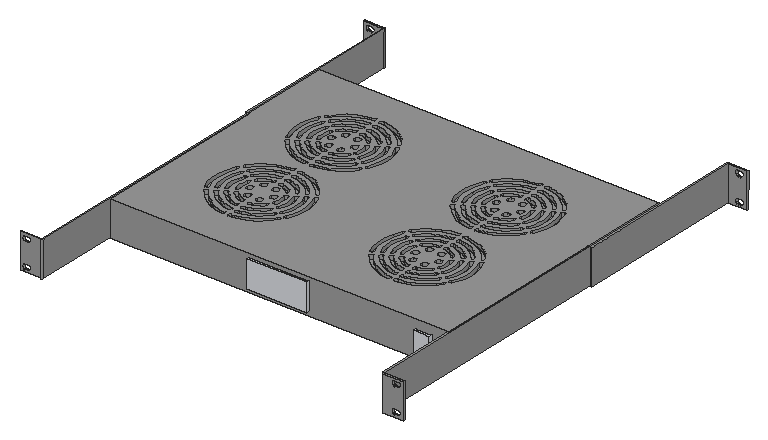
Revit family "ITK 19 вентиляционный модуль 1U 4 вентилятора с цифровым термостатом", category Электрооборудование, Revit 2016
Family settings
  Тип детали = Другая панель
  Размер круглого соединителя = Использовать диаметр
  На основе рабочей плоскости = Нет
  Всегда вертикально = Да
  При загрузке вырезать с полостями = Нет
  Общий = Нет
  Точка расчета площади = Нет
Parameters (values of type "FM05-1U4TS")
  Ширина = 482.5 mm
  Описание = "19-дюймовые вентиляторные модули предназначены для установки и использования в любых шкафах ITK и служат для организации принудительного охлаждения и вентиляции установленного в них активного оборудования.\r\n\r\nВентиляторные модули имеют два или четыре вентилятора, заключенных в единый металлический корпус черного цвета высотой 1U, комплектуются выключателем со светоиндикацией и цифровым термостатом с дисплеем. Диапазон регулировки температуры термостата: от 0 до 60°С. Номинальное рабочее напряжение: 230В. Частота тока: 50Гц. Минимальный срок службы: 50 тыс. часов. Подача рабочего напряжения на вентиляторный модуль осуществляется через встроенный кабель электропитания длиной 2 метра и вилкой немецкого стандарта (евровилка).\r\n\r\nМодули устанавливаются на 19-дюймовые монтажные профили над оборудованием, требующим локального охлаждения в конкретном месте шкафа, занимая при этом 1U высоты шкафа.\r\nСовместимы со всеми 19-доймовыми шкафами и стойками ITK.\r\nОбладают современным привлекательным дизайном и продуманной конструкцией.\r\nУдобны в монтаже и эксплуатации.\r\nСоответствие международным стандартам ISO9001, IEC 297, ISO/IEC 11801. \r\nСертифицированы по ГОСТ Р.\r\nВсе аксессуары идут с крепежом.\r\nВозможно исполнение в двух цветах: серый (RAL7035) и черный (RAL9005).\r\nВсегда в наличии на складе.\r\nГарантия на все аксессуары до 2-х лет."  # constant formula
  Материал = Окраска - RAL 9005
  Type Comments = ""
  Изготовитель = "ITK"  # constant formula
  Глубина = 542 mm
  Высота = 44 mm
  URL = "http://www.itk-group.ru/produktsiya/catalog/?page=section&id=570"
  ADSK_Ток = ADSK_Номинальная мощность / (ADSK_Коэффициент мощности * ADSK_Напряжение * sqrt(ADSK_Количество фаз числовое))  # 0 A
  ADSK_Примечание = ""
  ADSK_Полная мощность = ADSK_Номинальная мощность / ADSK_Коэффициент мощности  # 0 VA
  ADSK_Позиция [instance] = ""
  ADSK_Номинальная мощность = 0 W
  ADSK_Напряжение = 220 V
  ADSK_Наименование краткое = "FM05-1U4TS"
  ADSK_Наименование = "ITK 19\" вентил. модуль 1U 4 вентилятора с цифровым термостатом"
  ADSK_Масса = 0
  ADSK_Марка = "FM05-1U4TS"
  ADSK_Коэффициент мощности = 1
  ADSK_Количество фаз числовое = 1
  ADSK_Количество фаз = 1
  ADSK_Код изделия = ""
  ADSK_Классификация нагрузок = Прочее
  ADSK_Завод-изготовитель = "IEK"
  ADSK_Единица измерения = "шт"
  ADSK_Группирование = ""
Reference planes
  plane 1 "По центру (Вперед/Назад)": y = 0
  plane 2: z = 0
  plane 3 "По центру (Влево/Вправо)": x = 0
  plane 4: x = -241.25
  plane 5: x = 241.25
  plane 6: z = 44
  plane 7: y = -271
  plane 8: y = 271
Forms (mm)
  Extrusion 1, solid, material "Окраска - RAL 9005" <- "Материал", detail levels fine
    sketch origin (-1511.359, -1655.5, 1660) x (-1, 0, 0) y (0, -1, 0)
      loop
        line (-1270.109, -1386.5) -> (-1270.109, -1384.5) -> (-1296.109, -1384.5)
        arc (-1296.109, -1384.5) -> (-1297.523, -1385.086) -> (-1298.109, -1386.5) r 2
        line (-1298.109, -1386.5) -> (-1298.109, -1709.5) -> (-1296.109, -1709.5) -> (-1296.109, -1386.5) -> (-1270.109, -1386.5)
      loop
        line (-1752.609, -1386.5) -> (-1727.109, -1386.5) -> (-1727.109, -1709.5) -> (-1724.609, -1709.5) -> (-1724.609, -1386.5)
        arc (-1724.609, -1386.5) -> (-1725.195, -1385.086) -> (-1726.609, -1384.5) r 2
        line (-1726.609, -1384.5) -> (-1752.609, -1384.5) -> (-1752.609, -1386.5)
      loop
        line (-1752.609, -1924.5) -> (-1752.609, -1926.5) -> (-1728.609, -1926.5)
        arc (-1728.609, -1926.5) -> (-1727.195, -1925.914) -> (-1726.609, -1924.5) r 2
        line (-1726.609, -1924.5) -> (-1726.609, -1709.791) -> (-1728.609, -1709.791) -> (-1728.609, -1924.5) -> (-1752.609, -1924.5)
      loop
        line (-1270.109, -1924.5) -> (-1294.109, -1924.5) -> (-1294.109, -1709.812) -> (-1296.109, -1709.812) -> (-1296.109, -1924.5)
        arc (-1296.109, -1924.5) -> (-1295.523, -1925.914) -> (-1294.109, -1926.5) r 2
        line (-1294.109, -1926.5) -> (-1270.109, -1926.5) -> (-1270.109, -1924.5)
    from -1660 to -1616
  Extrusion 2, solid, material "Окраска - RAL 9005" <- "Материал", detail levels fine
    sketch origin (0, -26, 0) x (1, 0, 0) y (0, 1, 0)
      loop
        line (-213.25, 191.5) -> (-213.25, -139.5) -> (213.25, -139.5) -> (213.25, 191.5) -> (-213.25, 191.5)
    from 0 to 44
  Extrusion 3, void
    sketch origin (-2000, -271, 1200) x (1, 0, 0) y (0, 0, -1)
      loop
        line (1769, 1165.475) -> (1766, 1165.475)
        arc (1766, 1165.475) -> (1762.5, 1161.975) -> (1766, 1158.475) r 3.5
        line (1766, 1158.475) -> (1769, 1158.475)
        arc (1769, 1158.475) -> (1772.5, 1161.975) -> (1769, 1165.475) r 3.5
      loop
        line (1769, 1197.225) -> (1766, 1197.225)
        arc (1766, 1197.225) -> (1762.5, 1193.725) -> (1766, 1190.225) r 3.5
        line (1766, 1190.225) -> (1769, 1190.225)
        arc (1769, 1190.225) -> (1772.5, 1193.725) -> (1769, 1197.225) r 3.5
      loop
        line (2234, 1197.225) -> (2231, 1197.225)
        arc (2231, 1197.225) -> (2227.5, 1193.725) -> (2231, 1190.225) r 3.5
        line (2231, 1190.225) -> (2234, 1190.225)
        arc (2234, 1190.225) -> (2237.5, 1193.725) -> (2234, 1197.225) r 3.5
      loop
        line (2234, 1165.475) -> (2231, 1165.475)
        arc (2231, 1165.475) -> (2227.5, 1161.975) -> (2231, 1158.475) r 3.5
        line (2231, 1158.475) -> (2234, 1158.475)
        arc (2234, 1158.475) -> (2237.5, 1161.975) -> (2234, 1165.475) r 3.5
    from 0 to 542
  Extrusion 4, solid, detail levels fine
    sketch origin (-2000, -270.5, 1200) x (-1, 0, 0) y (0, 0, -1)
      loop
        line (-1962.5, 1160.45) -> (-1962.5, 1194.45) -> (-2037.5, 1194.45) -> (-2037.5, 1160.45) -> (-1962.5, 1160.45)
      loop
        line (-2172.1, 1167.35) -> (-2172.1, 1191.35) -> (-2191.6, 1191.35) -> (-2191.6, 1167.35) -> (-2172.1, 1167.35)
    from -105 to -101.6
  Extrusion 5, void
    sketch origin (0, -8, 0) x (1, 0, 0) y (0, 1, 0)
      loop
        arc (-52.018, -79.079) -> (-46.5, -54.5) -> (-52.018, -29.921) r 57.5
        arc (-52.018, -29.921) -> (-55.347, -28.729) -> (-56.538, -32.058) r 2.5
        arc (-56.538, -32.058) -> (-51.5, -54.5) -> (-56.538, -76.942) r 52.5
        arc (-56.538, -76.942) -> (-55.347, -80.271) -> (-52.018, -79.079) r 2.5
      loop
        arc (-99.295, -111.807) -> (-75.25, -104.296) -> (-56.723, -87.228) r 57.5
        arc (-56.723, -87.228) -> (-57.355, -83.749) -> (-60.834, -84.382) r 2.5
        arc (-60.834, -84.382) -> (-77.75, -99.966) -> (-99.705, -106.824) r 52.5
        arc (-99.705, -106.824) -> (-101.992, -109.52) -> (-99.295, -111.807) r 2.5
      loop
        arc (-151.277, -87.228) -> (-132.75, -104.296) -> (-108.705, -111.807) r 57.5
        arc (-108.705, -111.807) -> (-106.008, -109.52) -> (-108.295, -106.824) r 2.5
        arc (-108.295, -106.824) -> (-130.25, -99.966) -> (-147.166, -84.382) r 52.5
        arc (-147.166, -84.382) -> (-150.645, -83.749) -> (-151.277, -87.228) r 2.5
      loop
        arc (-155.982, -29.921) -> (-161.5, -54.5) -> (-155.982, -79.079) r 57.5
        arc (-155.982, -79.079) -> (-152.653, -80.271) -> (-151.462, -76.942) r 2.5
        arc (-151.462, -76.942) -> (-156.5, -54.5) -> (-151.462, -32.058) r 52.5
        arc (-151.462, -32.058) -> (-152.653, -28.729) -> (-155.982, -29.921) r 2.5
      loop
        arc (-108.705, 2.807) -> (-132.75, -4.704) -> (-151.277, -21.772) r 57.5
        arc (-151.277, -21.772) -> (-150.645, -25.251) -> (-147.166, -24.618) r 2.5
        arc (-147.166, -24.618) -> (-130.25, -9.034) -> (-108.295, -2.176) r 52.5
        arc (-108.295, -2.176) -> (-106.008, 0.52) -> (-108.705, 2.807) r 2.5
      loop
        arc (-60.834, -24.618) -> (-57.355, -25.251) -> (-56.723, -21.772) r 2.5
        arc (-56.723, -21.772) -> (-75.25, -4.704) -> (-99.295, 2.807) r 57.5
        arc (-99.295, 2.807) -> (-101.992, 0.52) -> (-99.705, -2.176) r 2.5
        arc (-99.705, -2.176) -> (-77.75, -9.034) -> (-60.834, -24.618) r 52.5
      loop
        arc (-78.177, -34.766) -> (-74.673, -35.235) -> (-74.204, -31.73) r 2.5
        arc (-74.204, -31.73) -> (-85.25, -22.024) -> (-99.179, -17.311) r 37.5
        arc (-99.179, -17.311) -> (-101.979, -19.469) -> (-99.821, -22.27) r 2.5
        arc (-99.821, -22.27) -> (-87.75, -26.354) -> (-78.177, -34.766) r 32.5
      loop
        arc (-108.179, -22.27) -> (-106.021, -19.469) -> (-108.821, -17.311) r 2.5
        arc (-108.821, -17.311) -> (-122.75, -22.024) -> (-133.796, -31.73) r 37.5
        arc (-133.796, -31.73) -> (-133.327, -35.235) -> (-129.823, -34.766) r 2.5
        arc (-129.823, -34.766) -> (-120.25, -26.354) -> (-108.179, -22.27) r 32.5
      loop
        arc (-134.002, -42.004) -> (-135.348, -38.735) -> (-138.617, -40.081) r 2.5
        arc (-138.617, -40.081) -> (-141.5, -54.5) -> (-138.617, -68.919) r 37.5
        arc (-138.617, -68.919) -> (-135.348, -70.265) -> (-134.002, -66.996) r 2.5
        arc (-134.002, -66.996) -> (-136.5, -54.5) -> (-134.002, -42.004) r 32.5
      loop
        arc (-129.823, -74.234) -> (-133.327, -73.765) -> (-133.796, -77.27) r 2.5
        arc (-133.796, -77.27) -> (-122.75, -86.976) -> (-108.821, -91.689) r 37.5
        arc (-108.821, -91.689) -> (-106.021, -89.531) -> (-108.179, -86.73) r 2.5
        arc (-108.179, -86.73) -> (-120.25, -82.646) -> (-129.823, -74.234) r 32.5
      loop
        arc (-99.95, -76.632) -> (-101.959, -79.542) -> (-99.05, -81.551) r 2.5
        arc (-99.05, -81.551) -> (-90.25, -78.316) -> (-83.048, -72.312) r 27.5
        arc (-83.048, -72.312) -> (-83.334, -68.788) -> (-86.858, -69.074) r 2.5
        arc (-86.858, -69.074) -> (-92.75, -73.986) -> (-99.95, -76.632) r 22.5
      loop
        arc (-82.808, -62.059) -> (-81.293, -65.253) -> (-78.098, -63.739) r 2.5
        arc (-78.098, -63.739) -> (-76.5, -54.5) -> (-78.098, -45.261) r 27.5
        arc (-78.098, -45.261) -> (-81.293, -43.747) -> (-82.808, -46.941) r 2.5
        arc (-82.808, -46.941) -> (-81.5, -54.5) -> (-82.808, -62.059) r 22.5
      loop
        arc (-73.998, -66.996) -> (-72.652, -70.265) -> (-69.383, -68.919) r 2.5
        arc (-69.383, -68.919) -> (-66.5, -54.5) -> (-69.383, -40.081) r 37.5
        arc (-69.383, -40.081) -> (-72.652, -38.735) -> (-73.998, -42.004) r 2.5
        arc (-73.998, -42.004) -> (-71.5, -54.5) -> (-73.998, -66.996) r 32.5
      loop
        arc (-65.253, -71.963) -> (-64.001, -75.269) -> (-60.695, -74.017) r 2.5
        arc (-60.695, -74.017) -> (-56.5, -54.5) -> (-60.695, -34.983) r 47.5
        arc (-60.695, -34.983) -> (-64.001, -33.731) -> (-65.253, -37.037) r 2.5
        arc (-65.253, -37.037) -> (-61.5, -54.5) -> (-65.253, -71.963) r 42.5
      loop
        arc (-69.503, -29.676) -> (-66.014, -30.245) -> (-65.445, -26.755) r 2.5
        arc (-65.445, -26.755) -> (-80.25, -13.364) -> (-99.25, -7.238) r 47.5
        arc (-99.25, -7.238) -> (-101.987, -9.476) -> (-99.75, -12.213) r 2.5
        arc (-99.75, -12.213) -> (-82.75, -17.694) -> (-69.503, -29.676) r 42.5
      loop
        arc (-108.25, -12.213) -> (-106.013, -9.476) -> (-108.75, -7.238) r 2.5
        arc (-108.75, -7.238) -> (-127.75, -13.364) -> (-142.555, -26.755) r 47.5
        arc (-142.555, -26.755) -> (-141.986, -30.245) -> (-138.497, -29.676) r 2.5
        arc (-138.497, -29.676) -> (-125.25, -17.694) -> (-108.25, -12.213) r 42.5
      loop
        arc (-142.747, -37.037) -> (-143.999, -33.731) -> (-147.305, -34.983) r 2.5
        arc (-147.305, -34.983) -> (-151.5, -54.5) -> (-147.305, -74.017) r 47.5
        arc (-147.305, -74.017) -> (-143.999, -75.269) -> (-142.747, -71.963) r 2.5
        arc (-142.747, -71.963) -> (-146.5, -54.5) -> (-142.747, -37.037) r 42.5
      loop
        arc (-138.497, -79.324) -> (-141.986, -78.755) -> (-142.555, -82.245) r 2.5
        arc (-142.555, -82.245) -> (-127.75, -95.636) -> (-108.75, -101.762) r 47.5
        arc (-108.75, -101.762) -> (-106.013, -99.524) -> (-108.25, -96.787) r 2.5
        arc (-108.25, -96.787) -> (-125.25, -91.306) -> (-138.497, -79.324) r 42.5
      loop
        arc (-99.25, -101.762) -> (-80.25, -95.636) -> (-65.445, -82.245) r 47.5
        arc (-65.445, -82.245) -> (-66.014, -78.755) -> (-69.503, -79.324) r 2.5
        arc (-69.503, -79.324) -> (-82.75, -91.306) -> (-99.75, -96.787) r 42.5
        arc (-99.75, -96.787) -> (-101.987, -99.524) -> (-99.25, -101.762) r 2.5
      loop
        arc (-99.179, -91.689) -> (-85.25, -86.976) -> (-74.204, -77.27) r 37.5
        arc (-74.204, -77.27) -> (-74.673, -73.765) -> (-78.177, -74.234) r 2.5
        arc (-78.177, -74.234) -> (-87.75, -82.646) -> (-99.821, -86.73) r 32.5
        arc (-99.821, -86.73) -> (-101.979, -89.531) -> (-99.179, -91.689) r 2.5
      loop
        circle (-111.5, -67.49) r 4
      loop
        circle (-96.5, -67.49) r 4
      loop
        circle (-89, -54.5) r 4
      loop
        circle (-96.5, -41.51) r 4
      loop
        arc (-108.05, -32.368) -> (-106.041, -29.458) -> (-108.95, -27.449) r 2.5
        arc (-108.95, -27.449) -> (-117.75, -30.684) -> (-124.952, -36.688) r 27.5
        arc (-124.952, -36.688) -> (-124.666, -40.212) -> (-121.142, -39.926) r 2.5
        arc (-121.142, -39.926) -> (-115.25, -35.014) -> (-108.05, -32.368) r 22.5
      loop
        arc (-121.142, -69.074) -> (-124.666, -68.788) -> (-124.952, -72.312) r 2.5
        arc (-124.952, -72.312) -> (-117.75, -78.316) -> (-108.95, -81.551) r 27.5
        arc (-108.95, -81.551) -> (-106.041, -79.542) -> (-108.05, -76.632) r 2.5
        arc (-108.05, -76.632) -> (-115.25, -73.986) -> (-121.142, -69.074) r 22.5
      loop
        arc (-86.858, -39.926) -> (-83.334, -40.212) -> (-83.048, -36.688) r 2.5
        arc (-83.048, -36.688) -> (-90.25, -30.684) -> (-99.05, -27.449) r 27.5
        arc (-99.05, -27.449) -> (-101.959, -29.458) -> (-99.95, -32.368) r 2.5
        arc (-99.95, -32.368) -> (-92.75, -35.014) -> (-86.858, -39.926) r 22.5
      loop
        circle (-111.5, -41.51) r 4
      loop
        arc (-125.192, -46.941) -> (-126.707, -43.747) -> (-129.902, -45.261) r 2.5
        arc (-129.902, -45.261) -> (-131.5, -54.5) -> (-129.902, -63.739) r 27.5
        arc (-129.902, -63.739) -> (-126.707, -65.253) -> (-125.192, -62.059) r 2.5
        arc (-125.192, -62.059) -> (-126.5, -54.5) -> (-125.192, -46.941) r 22.5
      loop
        circle (-119, -54.5) r 4
      loop
        arc (56.723, -87.228) -> (75.25, -104.296) -> (99.295, -111.807) r 57.5
        arc (99.295, -111.807) -> (101.992, -109.52) -> (99.705, -106.824) r 2.5
        arc (99.705, -106.824) -> (77.75, -99.966) -> (60.834, -84.382) r 52.5
        arc (60.834, -84.382) -> (57.355, -83.749) -> (56.723, -87.228) r 2.5
      loop
        arc (108.705, -111.807) -> (132.75, -104.296) -> (151.277, -87.228) r 57.5
        arc (151.277, -87.228) -> (150.645, -83.749) -> (147.166, -84.382) r 2.5
        arc (147.166, -84.382) -> (130.25, -99.966) -> (108.295, -106.824) r 52.5
        arc (108.295, -106.824) -> (106.008, -109.52) -> (108.705, -111.807) r 2.5
      loop
        arc (155.982, -79.079) -> (161.5, -54.5) -> (155.982, -29.921) r 57.5
        arc (155.982, -29.921) -> (152.653, -28.729) -> (151.462, -32.058) r 2.5
        arc (151.462, -32.058) -> (156.5, -54.5) -> (151.462, -76.942) r 52.5
        arc (151.462, -76.942) -> (152.653, -80.271) -> (155.982, -79.079) r 2.5
      loop
        arc (151.277, -21.772) -> (132.75, -4.704) -> (108.705, 2.807) r 57.5
        arc (108.705, 2.807) -> (106.008, 0.52) -> (108.295, -2.176) r 2.5
        arc (108.295, -2.176) -> (130.25, -9.034) -> (147.166, -24.618) r 52.5
        arc (147.166, -24.618) -> (150.645, -25.251) -> (151.277, -21.772) r 2.5
      loop
        arc (99.295, 2.807) -> (75.25, -4.704) -> (56.723, -21.772) r 57.5
        arc (56.723, -21.772) -> (57.355, -25.251) -> (60.834, -24.618) r 2.5
        arc (60.834, -24.618) -> (77.75, -9.034) -> (99.705, -2.176) r 52.5
        arc (99.705, -2.176) -> (101.992, 0.52) -> (99.295, 2.807) r 2.5
      loop
        arc (52.018, -29.921) -> (46.5, -54.5) -> (52.018, -79.079) r 57.5
        arc (52.018, -79.079) -> (55.347, -80.271) -> (56.538, -76.942) r 2.5
        arc (56.538, -76.942) -> (51.5, -54.5) -> (56.538, -32.058) r 52.5
        arc (56.538, -32.058) -> (55.347, -28.729) -> (52.018, -29.921) r 2.5
      loop
        arc (65.253, -37.037) -> (64.001, -33.731) -> (60.695, -34.983) r 2.5
        arc (60.695, -34.983) -> (56.5, -54.5) -> (60.695, -74.017) r 47.5
        arc (60.695, -74.017) -> (64.001, -75.269) -> (65.253, -71.963) r 2.5
        arc (65.253, -71.963) -> (61.5, -54.5) -> (65.253, -37.037) r 42.5
      loop
        arc (73.998, -42.004) -> (72.652, -38.735) -> (69.383, -40.081) r 2.5
        arc (69.383, -40.081) -> (66.5, -54.5) -> (69.383, -68.919) r 37.5
        arc (69.383, -68.919) -> (72.652, -70.265) -> (73.998, -66.996) r 2.5
        arc (73.998, -66.996) -> (71.5, -54.5) -> (73.998, -42.004) r 32.5
      loop
        arc (82.808, -46.941) -> (81.293, -43.747) -> (78.098, -45.261) r 2.5
        arc (78.098, -45.261) -> (76.5, -54.5) -> (78.098, -63.739) r 27.5
        arc (78.098, -63.739) -> (81.293, -65.253) -> (82.808, -62.059) r 2.5
        arc (82.808, -62.059) -> (81.5, -54.5) -> (82.808, -46.941) r 22.5
      loop
        arc (86.858, -69.074) -> (83.334, -68.788) -> (83.048, -72.312) r 2.5
        arc (83.048, -72.312) -> (90.25, -78.316) -> (99.05, -81.551) r 27.5
        arc (99.05, -81.551) -> (101.959, -79.542) -> (99.95, -76.632) r 2.5
        arc (99.95, -76.632) -> (92.75, -73.986) -> (86.858, -69.074) r 22.5
      loop
        arc (78.177, -74.234) -> (74.673, -73.765) -> (74.204, -77.27) r 2.5
        arc (74.204, -77.27) -> (85.25, -86.976) -> (99.179, -91.689) r 37.5
        arc (99.179, -91.689) -> (101.979, -89.531) -> (99.821, -86.73) r 2.5
        arc (99.821, -86.73) -> (87.75, -82.646) -> (78.177, -74.234) r 32.5
      loop
        arc (69.503, -79.324) -> (66.014, -78.755) -> (65.445, -82.245) r 2.5
        arc (65.445, -82.245) -> (80.25, -95.636) -> (99.25, -101.762) r 47.5
        arc (99.25, -101.762) -> (101.987, -99.524) -> (99.75, -96.787) r 2.5
        arc (99.75, -96.787) -> (82.75, -91.306) -> (69.503, -79.324) r 42.5
      loop
        arc (108.75, -101.762) -> (127.75, -95.636) -> (142.555, -82.245) r 47.5
        arc (142.555, -82.245) -> (141.986, -78.755) -> (138.497, -79.324) r 2.5
        arc (138.497, -79.324) -> (125.25, -91.306) -> (108.25, -96.787) r 42.5
        arc (108.25, -96.787) -> (106.013, -99.524) -> (108.75, -101.762) r 2.5
      loop
        arc (108.821, -91.689) -> (122.75, -86.976) -> (133.796, -77.27) r 37.5
        arc (133.796, -77.27) -> (133.327, -73.765) -> (129.823, -74.234) r 2.5
        arc (129.823, -74.234) -> (120.25, -82.646) -> (108.179, -86.73) r 32.5
        arc (108.179, -86.73) -> (106.021, -89.531) -> (108.821, -91.689) r 2.5
      loop
        arc (108.95, -81.551) -> (117.75, -78.316) -> (124.952, -72.312) r 27.5
        arc (124.952, -72.312) -> (124.666, -68.788) -> (121.142, -69.074) r 2.5
        arc (121.142, -69.074) -> (115.25, -73.986) -> (108.05, -76.632) r 22.5
        arc (108.05, -76.632) -> (106.041, -79.542) -> (108.95, -81.551) r 2.5
      loop
        arc (99.95, -32.368) -> (101.959, -29.458) -> (99.05, -27.449) r 2.5
        arc (99.05, -27.449) -> (90.25, -30.684) -> (83.048, -36.688) r 27.5
        arc (83.048, -36.688) -> (83.334, -40.212) -> (86.858, -39.926) r 2.5
        arc (86.858, -39.926) -> (92.75, -35.014) -> (99.95, -32.368) r 22.5
      loop
        arc (99.821, -22.27) -> (101.979, -19.469) -> (99.179, -17.311) r 2.5
        arc (99.179, -17.311) -> (85.25, -22.024) -> (74.204, -31.73) r 37.5
        arc (74.204, -31.73) -> (74.673, -35.235) -> (78.177, -34.766) r 2.5
        arc (78.177, -34.766) -> (87.75, -26.354) -> (99.821, -22.27) r 32.5
      loop
        arc (99.75, -12.213) -> (101.987, -9.476) -> (99.25, -7.238) r 2.5
        arc (99.25, -7.238) -> (80.25, -13.364) -> (65.445, -26.755) r 47.5
        arc (65.445, -26.755) -> (66.014, -30.245) -> (69.503, -29.676) r 2.5
        arc (69.503, -29.676) -> (82.75, -17.694) -> (99.75, -12.213) r 42.5
      loop
        arc (138.497, -29.676) -> (141.986, -30.245) -> (142.555, -26.755) r 2.5
        arc (142.555, -26.755) -> (127.75, -13.364) -> (108.75, -7.238) r 47.5
        arc (108.75, -7.238) -> (106.013, -9.476) -> (108.25, -12.213) r 2.5
        arc (108.25, -12.213) -> (125.25, -17.694) -> (138.497, -29.676) r 42.5
      loop
        arc (129.823, -34.766) -> (133.327, -35.235) -> (133.796, -31.73) r 2.5
        arc (133.796, -31.73) -> (122.75, -22.024) -> (108.821, -17.311) r 37.5
        arc (108.821, -17.311) -> (106.021, -19.469) -> (108.179, -22.27) r 2.5
        arc (108.179, -22.27) -> (120.25, -26.354) -> (129.823, -34.766) r 32.5
      loop
        arc (121.142, -39.926) -> (124.666, -40.212) -> (124.952, -36.688) r 2.5
        arc (124.952, -36.688) -> (117.75, -30.684) -> (108.95, -27.449) r 27.5
        arc (108.95, -27.449) -> (106.041, -29.458) -> (108.05, -32.368) r 2.5
        arc (108.05, -32.368) -> (115.25, -35.014) -> (121.142, -39.926) r 22.5
      loop
        circle (89, -54.5) r 4
      loop
        circle (111.5, -67.49) r 4
      loop
        circle (119, -54.5) r 4
      loop
        circle (111.5, -41.51) r 4
      loop
        circle (96.5, -41.51) r 4
      loop
        circle (96.5, -67.49) r 4
      loop
        arc (125.192, -62.059) -> (126.707, -65.253) -> (129.902, -63.739) r 2.5
        arc (129.902, -63.739) -> (131.5, -54.5) -> (129.902, -45.261) r 27.5
        arc (129.902, -45.261) -> (126.707, -43.747) -> (125.192, -46.941) r 2.5
        arc (125.192, -46.941) -> (126.5, -54.5) -> (125.192, -62.059) r 22.5
      loop
        arc (138.617, -68.919) -> (141.5, -54.5) -> (138.617, -40.081) r 37.5
        arc (138.617, -40.081) -> (135.348, -38.735) -> (134.002, -42.004) r 2.5
        arc (134.002, -42.004) -> (136.5, -54.5) -> (134.002, -66.996) r 32.5
        arc (134.002, -66.996) -> (135.348, -70.265) -> (138.617, -68.919) r 2.5
      loop
        arc (147.305, -74.017) -> (151.5, -54.5) -> (147.305, -34.983) r 47.5
        arc (147.305, -34.983) -> (143.999, -33.731) -> (142.747, -37.037) r 2.5
        arc (142.747, -37.037) -> (146.5, -54.5) -> (142.747, -71.963) r 42.5
        arc (142.747, -71.963) -> (143.999, -75.269) -> (147.305, -74.017) r 2.5
    from 39.55 to 44
  Extrusion 6, void
    sketch origin (0, 120, 0) x (1, 0, 0) y (0, 1, 0)
      loop
        arc (-52.018, -79.079) -> (-46.5, -54.5) -> (-52.018, -29.921) r 57.5
        arc (-52.018, -29.921) -> (-55.347, -28.729) -> (-56.538, -32.058) r 2.5
        arc (-56.538, -32.058) -> (-51.5, -54.5) -> (-56.538, -76.942) r 52.5
        arc (-56.538, -76.942) -> (-55.347, -80.271) -> (-52.018, -79.079) r 2.5
      loop
        arc (-99.295, -111.807) -> (-75.25, -104.296) -> (-56.723, -87.228) r 57.5
        arc (-56.723, -87.228) -> (-57.355, -83.749) -> (-60.834, -84.382) r 2.5
        arc (-60.834, -84.382) -> (-77.75, -99.966) -> (-99.705, -106.824) r 52.5
        arc (-99.705, -106.824) -> (-101.992, -109.52) -> (-99.295, -111.807) r 2.5
      loop
        arc (-151.277, -87.228) -> (-132.75, -104.296) -> (-108.705, -111.807) r 57.5
        arc (-108.705, -111.807) -> (-106.008, -109.52) -> (-108.295, -106.824) r 2.5
        arc (-108.295, -106.824) -> (-130.25, -99.966) -> (-147.166, -84.382) r 52.5
        arc (-147.166, -84.382) -> (-150.645, -83.749) -> (-151.277, -87.228) r 2.5
      loop
        arc (-155.982, -29.921) -> (-161.5, -54.5) -> (-155.982, -79.079) r 57.5
        arc (-155.982, -79.079) -> (-152.653, -80.271) -> (-151.462, -76.942) r 2.5
        arc (-151.462, -76.942) -> (-156.5, -54.5) -> (-151.462, -32.058) r 52.5
        arc (-151.462, -32.058) -> (-152.653, -28.729) -> (-155.982, -29.921) r 2.5
      loop
        arc (-108.705, 2.807) -> (-132.75, -4.704) -> (-151.277, -21.772) r 57.5
        arc (-151.277, -21.772) -> (-150.645, -25.251) -> (-147.166, -24.618) r 2.5
        arc (-147.166, -24.618) -> (-130.25, -9.034) -> (-108.295, -2.176) r 52.5
        arc (-108.295, -2.176) -> (-106.008, 0.52) -> (-108.705, 2.807) r 2.5
      loop
        arc (-60.834, -24.618) -> (-57.355, -25.251) -> (-56.723, -21.772) r 2.5
        arc (-56.723, -21.772) -> (-75.25, -4.704) -> (-99.295, 2.807) r 57.5
        arc (-99.295, 2.807) -> (-101.992, 0.52) -> (-99.705, -2.176) r 2.5
        arc (-99.705, -2.176) -> (-77.75, -9.034) -> (-60.834, -24.618) r 52.5
      loop
        arc (-78.177, -34.766) -> (-74.673, -35.235) -> (-74.204, -31.73) r 2.5
        arc (-74.204, -31.73) -> (-85.25, -22.024) -> (-99.179, -17.311) r 37.5
        arc (-99.179, -17.311) -> (-101.979, -19.469) -> (-99.821, -22.27) r 2.5
        arc (-99.821, -22.27) -> (-87.75, -26.354) -> (-78.177, -34.766) r 32.5
      loop
        arc (-108.179, -22.27) -> (-106.021, -19.469) -> (-108.821, -17.311) r 2.5
        arc (-108.821, -17.311) -> (-122.75, -22.024) -> (-133.796, -31.73) r 37.5
        arc (-133.796, -31.73) -> (-133.327, -35.235) -> (-129.823, -34.766) r 2.5
        arc (-129.823, -34.766) -> (-120.25, -26.354) -> (-108.179, -22.27) r 32.5
      loop
        arc (-134.002, -42.004) -> (-135.348, -38.735) -> (-138.617, -40.081) r 2.5
        arc (-138.617, -40.081) -> (-141.5, -54.5) -> (-138.617, -68.919) r 37.5
        arc (-138.617, -68.919) -> (-135.348, -70.265) -> (-134.002, -66.996) r 2.5
        arc (-134.002, -66.996) -> (-136.5, -54.5) -> (-134.002, -42.004) r 32.5
      loop
        arc (-129.823, -74.234) -> (-133.327, -73.765) -> (-133.796, -77.27) r 2.5
        arc (-133.796, -77.27) -> (-122.75, -86.976) -> (-108.821, -91.689) r 37.5
        arc (-108.821, -91.689) -> (-106.021, -89.531) -> (-108.179, -86.73) r 2.5
        arc (-108.179, -86.73) -> (-120.25, -82.646) -> (-129.823, -74.234) r 32.5
      loop
        arc (-99.95, -76.632) -> (-101.959, -79.542) -> (-99.05, -81.551) r 2.5
        arc (-99.05, -81.551) -> (-90.25, -78.316) -> (-83.048, -72.312) r 27.5
        arc (-83.048, -72.312) -> (-83.334, -68.788) -> (-86.858, -69.074) r 2.5
        arc (-86.858, -69.074) -> (-92.75, -73.986) -> (-99.95, -76.632) r 22.5
      loop
        arc (-82.808, -62.059) -> (-81.293, -65.253) -> (-78.098, -63.739) r 2.5
        arc (-78.098, -63.739) -> (-76.5, -54.5) -> (-78.098, -45.261) r 27.5
        arc (-78.098, -45.261) -> (-81.293, -43.747) -> (-82.808, -46.941) r 2.5
        arc (-82.808, -46.941) -> (-81.5, -54.5) -> (-82.808, -62.059) r 22.5
      loop
        arc (-73.998, -66.996) -> (-72.652, -70.265) -> (-69.383, -68.919) r 2.5
        arc (-69.383, -68.919) -> (-66.5, -54.5) -> (-69.383, -40.081) r 37.5
        arc (-69.383, -40.081) -> (-72.652, -38.735) -> (-73.998, -42.004) r 2.5
        arc (-73.998, -42.004) -> (-71.5, -54.5) -> (-73.998, -66.996) r 32.5
      loop
        arc (-65.253, -71.963) -> (-64.001, -75.269) -> (-60.695, -74.017) r 2.5
        arc (-60.695, -74.017) -> (-56.5, -54.5) -> (-60.695, -34.983) r 47.5
        arc (-60.695, -34.983) -> (-64.001, -33.731) -> (-65.253, -37.037) r 2.5
        arc (-65.253, -37.037) -> (-61.5, -54.5) -> (-65.253, -71.963) r 42.5
      loop
        arc (-69.503, -29.676) -> (-66.014, -30.245) -> (-65.445, -26.755) r 2.5
        arc (-65.445, -26.755) -> (-80.25, -13.364) -> (-99.25, -7.238) r 47.5
        arc (-99.25, -7.238) -> (-101.987, -9.476) -> (-99.75, -12.213) r 2.5
        arc (-99.75, -12.213) -> (-82.75, -17.694) -> (-69.503, -29.676) r 42.5
      loop
        arc (-108.25, -12.213) -> (-106.013, -9.476) -> (-108.75, -7.238) r 2.5
        arc (-108.75, -7.238) -> (-127.75, -13.364) -> (-142.555, -26.755) r 47.5
        arc (-142.555, -26.755) -> (-141.986, -30.245) -> (-138.497, -29.676) r 2.5
        arc (-138.497, -29.676) -> (-125.25, -17.694) -> (-108.25, -12.213) r 42.5
      loop
        arc (-142.747, -37.037) -> (-143.999, -33.731) -> (-147.305, -34.983) r 2.5
        arc (-147.305, -34.983) -> (-151.5, -54.5) -> (-147.305, -74.017) r 47.5
        arc (-147.305, -74.017) -> (-143.999, -75.269) -> (-142.747, -71.963) r 2.5
        arc (-142.747, -71.963) -> (-146.5, -54.5) -> (-142.747, -37.037) r 42.5
      loop
        arc (-138.497, -79.324) -> (-141.986, -78.755) -> (-142.555, -82.245) r 2.5
        arc (-142.555, -82.245) -> (-127.75, -95.636) -> (-108.75, -101.762) r 47.5
        arc (-108.75, -101.762) -> (-106.013, -99.524) -> (-108.25, -96.787) r 2.5
        arc (-108.25, -96.787) -> (-125.25, -91.306) -> (-138.497, -79.324) r 42.5
      loop
        arc (-99.25, -101.762) -> (-80.25, -95.636) -> (-65.445, -82.245) r 47.5
        arc (-65.445, -82.245) -> (-66.014, -78.755) -> (-69.503, -79.324) r 2.5
        arc (-69.503, -79.324) -> (-82.75, -91.306) -> (-99.75, -96.787) r 42.5
        arc (-99.75, -96.787) -> (-101.987, -99.524) -> (-99.25, -101.762) r 2.5
      loop
        arc (-99.179, -91.689) -> (-85.25, -86.976) -> (-74.204, -77.27) r 37.5
        arc (-74.204, -77.27) -> (-74.673, -73.765) -> (-78.177, -74.234) r 2.5
        arc (-78.177, -74.234) -> (-87.75, -82.646) -> (-99.821, -86.73) r 32.5
        arc (-99.821, -86.73) -> (-101.979, -89.531) -> (-99.179, -91.689) r 2.5
      loop
        circle (-111.5, -67.49) r 4
      loop
        circle (-96.5, -67.49) r 4
      loop
        circle (-89, -54.5) r 4
      loop
        circle (-96.5, -41.51) r 4
      loop
        arc (-108.05, -32.368) -> (-106.041, -29.458) -> (-108.95, -27.449) r 2.5
        arc (-108.95, -27.449) -> (-117.75, -30.684) -> (-124.952, -36.688) r 27.5
        arc (-124.952, -36.688) -> (-124.666, -40.212) -> (-121.142, -39.926) r 2.5
        arc (-121.142, -39.926) -> (-115.25, -35.014) -> (-108.05, -32.368) r 22.5
      loop
        arc (-121.142, -69.074) -> (-124.666, -68.788) -> (-124.952, -72.312) r 2.5
        arc (-124.952, -72.312) -> (-117.75, -78.316) -> (-108.95, -81.551) r 27.5
        arc (-108.95, -81.551) -> (-106.041, -79.542) -> (-108.05, -76.632) r 2.5
        arc (-108.05, -76.632) -> (-115.25, -73.986) -> (-121.142, -69.074) r 22.5
      loop
        arc (-86.858, -39.926) -> (-83.334, -40.212) -> (-83.048, -36.688) r 2.5
        arc (-83.048, -36.688) -> (-90.25, -30.684) -> (-99.05, -27.449) r 27.5
        arc (-99.05, -27.449) -> (-101.959, -29.458) -> (-99.95, -32.368) r 2.5
        arc (-99.95, -32.368) -> (-92.75, -35.014) -> (-86.858, -39.926) r 22.5
      loop
        circle (-111.5, -41.51) r 4
      loop
        arc (-125.192, -46.941) -> (-126.707, -43.747) -> (-129.902, -45.261) r 2.5
        arc (-129.902, -45.261) -> (-131.5, -54.5) -> (-129.902, -63.739) r 27.5
        arc (-129.902, -63.739) -> (-126.707, -65.253) -> (-125.192, -62.059) r 2.5
        arc (-125.192, -62.059) -> (-126.5, -54.5) -> (-125.192, -46.941) r 22.5
      loop
        circle (-119, -54.5) r 4
      loop
        arc (56.723, -87.228) -> (75.25, -104.296) -> (99.295, -111.807) r 57.5
        arc (99.295, -111.807) -> (101.992, -109.52) -> (99.705, -106.824) r 2.5
        arc (99.705, -106.824) -> (77.75, -99.966) -> (60.834, -84.382) r 52.5
        arc (60.834, -84.382) -> (57.355, -83.749) -> (56.723, -87.228) r 2.5
      loop
        arc (108.705, -111.807) -> (132.75, -104.296) -> (151.277, -87.228) r 57.5
        arc (151.277, -87.228) -> (150.645, -83.749) -> (147.166, -84.382) r 2.5
        arc (147.166, -84.382) -> (130.25, -99.966) -> (108.295, -106.824) r 52.5
        arc (108.295, -106.824) -> (106.008, -109.52) -> (108.705, -111.807) r 2.5
      loop
        arc (155.982, -79.079) -> (161.5, -54.5) -> (155.982, -29.921) r 57.5
        arc (155.982, -29.921) -> (152.653, -28.729) -> (151.462, -32.058) r 2.5
        arc (151.462, -32.058) -> (156.5, -54.5) -> (151.462, -76.942) r 52.5
        arc (151.462, -76.942) -> (152.653, -80.271) -> (155.982, -79.079) r 2.5
      loop
        arc (151.277, -21.772) -> (132.75, -4.704) -> (108.705, 2.807) r 57.5
        arc (108.705, 2.807) -> (106.008, 0.52) -> (108.295, -2.176) r 2.5
        arc (108.295, -2.176) -> (130.25, -9.034) -> (147.166, -24.618) r 52.5
        arc (147.166, -24.618) -> (150.645, -25.251) -> (151.277, -21.772) r 2.5
      loop
        arc (99.295, 2.807) -> (75.25, -4.704) -> (56.723, -21.772) r 57.5
        arc (56.723, -21.772) -> (57.355, -25.251) -> (60.834, -24.618) r 2.5
        arc (60.834, -24.618) -> (77.75, -9.034) -> (99.705, -2.176) r 52.5
        arc (99.705, -2.176) -> (101.992, 0.52) -> (99.295, 2.807) r 2.5
      loop
        arc (52.018, -29.921) -> (46.5, -54.5) -> (52.018, -79.079) r 57.5
        arc (52.018, -79.079) -> (55.347, -80.271) -> (56.538, -76.942) r 2.5
        arc (56.538, -76.942) -> (51.5, -54.5) -> (56.538, -32.058) r 52.5
        arc (56.538, -32.058) -> (55.347, -28.729) -> (52.018, -29.921) r 2.5
      loop
        arc (65.253, -37.037) -> (64.001, -33.731) -> (60.695, -34.983) r 2.5
        arc (60.695, -34.983) -> (56.5, -54.5) -> (60.695, -74.017) r 47.5
        arc (60.695, -74.017) -> (64.001, -75.269) -> (65.253, -71.963) r 2.5
        arc (65.253, -71.963) -> (61.5, -54.5) -> (65.253, -37.037) r 42.5
      loop
        arc (73.998, -42.004) -> (72.652, -38.735) -> (69.383, -40.081) r 2.5
        arc (69.383, -40.081) -> (66.5, -54.5) -> (69.383, -68.919) r 37.5
        arc (69.383, -68.919) -> (72.652, -70.265) -> (73.998, -66.996) r 2.5
        arc (73.998, -66.996) -> (71.5, -54.5) -> (73.998, -42.004) r 32.5
      loop
        arc (82.808, -46.941) -> (81.293, -43.747) -> (78.098, -45.261) r 2.5
        arc (78.098, -45.261) -> (76.5, -54.5) -> (78.098, -63.739) r 27.5
        arc (78.098, -63.739) -> (81.293, -65.253) -> (82.808, -62.059) r 2.5
        arc (82.808, -62.059) -> (81.5, -54.5) -> (82.808, -46.941) r 22.5
      loop
        arc (86.858, -69.074) -> (83.334, -68.788) -> (83.048, -72.312) r 2.5
        arc (83.048, -72.312) -> (90.25, -78.316) -> (99.05, -81.551) r 27.5
        arc (99.05, -81.551) -> (101.959, -79.542) -> (99.95, -76.632) r 2.5
        arc (99.95, -76.632) -> (92.75, -73.986) -> (86.858, -69.074) r 22.5
      loop
        arc (78.177, -74.234) -> (74.673, -73.765) -> (74.204, -77.27) r 2.5
        arc (74.204, -77.27) -> (85.25, -86.976) -> (99.179, -91.689) r 37.5
        arc (99.179, -91.689) -> (101.979, -89.531) -> (99.821, -86.73) r 2.5
        arc (99.821, -86.73) -> (87.75, -82.646) -> (78.177, -74.234) r 32.5
      loop
        arc (69.503, -79.324) -> (66.014, -78.755) -> (65.445, -82.245) r 2.5
        arc (65.445, -82.245) -> (80.25, -95.636) -> (99.25, -101.762) r 47.5
        arc (99.25, -101.762) -> (101.987, -99.524) -> (99.75, -96.787) r 2.5
        arc (99.75, -96.787) -> (82.75, -91.306) -> (69.503, -79.324) r 42.5
      loop
        arc (108.75, -101.762) -> (127.75, -95.636) -> (142.555, -82.245) r 47.5
        arc (142.555, -82.245) -> (141.986, -78.755) -> (138.497, -79.324) r 2.5
        arc (138.497, -79.324) -> (125.25, -91.306) -> (108.25, -96.787) r 42.5
        arc (108.25, -96.787) -> (106.013, -99.524) -> (108.75, -101.762) r 2.5
      loop
        arc (108.821, -91.689) -> (122.75, -86.976) -> (133.796, -77.27) r 37.5
        arc (133.796, -77.27) -> (133.327, -73.765) -> (129.823, -74.234) r 2.5
        arc (129.823, -74.234) -> (120.25, -82.646) -> (108.179, -86.73) r 32.5
        arc (108.179, -86.73) -> (106.021, -89.531) -> (108.821, -91.689) r 2.5
      loop
        arc (108.95, -81.551) -> (117.75, -78.316) -> (124.952, -72.312) r 27.5
        arc (124.952, -72.312) -> (124.666, -68.788) -> (121.142, -69.074) r 2.5
        arc (121.142, -69.074) -> (115.25, -73.986) -> (108.05, -76.632) r 22.5
        arc (108.05, -76.632) -> (106.041, -79.542) -> (108.95, -81.551) r 2.5
      loop
        arc (99.95, -32.368) -> (101.959, -29.458) -> (99.05, -27.449) r 2.5
        arc (99.05, -27.449) -> (90.25, -30.684) -> (83.048, -36.688) r 27.5
        arc (83.048, -36.688) -> (83.334, -40.212) -> (86.858, -39.926) r 2.5
        arc (86.858, -39.926) -> (92.75, -35.014) -> (99.95, -32.368) r 22.5
      loop
        arc (99.821, -22.27) -> (101.979, -19.469) -> (99.179, -17.311) r 2.5
        arc (99.179, -17.311) -> (85.25, -22.024) -> (74.204, -31.73) r 37.5
        arc (74.204, -31.73) -> (74.673, -35.235) -> (78.177, -34.766) r 2.5
        arc (78.177, -34.766) -> (87.75, -26.354) -> (99.821, -22.27) r 32.5
      loop
        arc (99.75, -12.213) -> (101.987, -9.476) -> (99.25, -7.238) r 2.5
        arc (99.25, -7.238) -> (80.25, -13.364) -> (65.445, -26.755) r 47.5
        arc (65.445, -26.755) -> (66.014, -30.245) -> (69.503, -29.676) r 2.5
        arc (69.503, -29.676) -> (82.75, -17.694) -> (99.75, -12.213) r 42.5
      loop
        arc (138.497, -29.676) -> (141.986, -30.245) -> (142.555, -26.755) r 2.5
        arc (142.555, -26.755) -> (127.75, -13.364) -> (108.75, -7.238) r 47.5
        arc (108.75, -7.238) -> (106.013, -9.476) -> (108.25, -12.213) r 2.5
        arc (108.25, -12.213) -> (125.25, -17.694) -> (138.497, -29.676) r 42.5
      loop
        arc (129.823, -34.766) -> (133.327, -35.235) -> (133.796, -31.73) r 2.5
        arc (133.796, -31.73) -> (122.75, -22.024) -> (108.821, -17.311) r 37.5
        arc (108.821, -17.311) -> (106.021, -19.469) -> (108.179, -22.27) r 2.5
        arc (108.179, -22.27) -> (120.25, -26.354) -> (129.823, -34.766) r 32.5
      loop
        arc (121.142, -39.926) -> (124.666, -40.212) -> (124.952, -36.688) r 2.5
        arc (124.952, -36.688) -> (117.75, -30.684) -> (108.95, -27.449) r 27.5
        arc (108.95, -27.449) -> (106.041, -29.458) -> (108.05, -32.368) r 2.5
        arc (108.05, -32.368) -> (115.25, -35.014) -> (121.142, -39.926) r 22.5
      loop
        circle (89, -54.5) r 4
      loop
        circle (111.5, -67.49) r 4
      loop
        circle (119, -54.5) r 4
      loop
        circle (111.5, -41.51) r 4
      loop
        circle (96.5, -41.51) r 4
      loop
        circle (96.5, -67.49) r 4
      loop
        arc (125.192, -62.059) -> (126.707, -65.253) -> (129.902, -63.739) r 2.5
        arc (129.902, -63.739) -> (131.5, -54.5) -> (129.902, -45.261) r 27.5
        arc (129.902, -45.261) -> (126.707, -43.747) -> (125.192, -46.941) r 2.5
        arc (125.192, -46.941) -> (126.5, -54.5) -> (125.192, -62.059) r 22.5
      loop
        arc (138.617, -68.919) -> (141.5, -54.5) -> (138.617, -40.081) r 37.5
        arc (138.617, -40.081) -> (135.348, -38.735) -> (134.002, -42.004) r 2.5
        arc (134.002, -42.004) -> (136.5, -54.5) -> (134.002, -66.996) r 32.5
        arc (134.002, -66.996) -> (135.348, -70.265) -> (138.617, -68.919) r 2.5
      loop
        arc (147.305, -74.017) -> (151.5, -54.5) -> (147.305, -34.983) r 47.5
        arc (147.305, -34.983) -> (143.999, -33.731) -> (142.747, -37.037) r 2.5
        arc (142.747, -37.037) -> (146.5, -54.5) -> (142.747, -71.963) r 42.5
        arc (142.747, -71.963) -> (143.999, -75.269) -> (147.305, -74.017) r 2.5
    from 39.55 to 44
Cuts and joins
  Extrusion 3 cuts Extrusion 1
  Extrusion 5, Extrusion 6 cuts Extrusion 2
Dimensions and locks
  "Высота": plane 6 to plane 2
  equal spacing: plane 4, plane 3 "По центру (Влево/Вправо)", plane 5
  "Ширина": plane 4 to plane 5
  equal spacing: plane 8, plane 1 "По центру (Вперед/Назад)", plane 7
  "Глубина": plane 8 to plane 7
  aligned and locked: level to plane 2
  aligned and locked: plane 4 to Extrusion 1 sketch curve
Automatic sketch dimensions
  Extrusion 3 sketch curve to plane 4 = 7.25 mm  (x2)
  plane 6 to Extrusion 3 sketch curve = 2.475 mm
  Extrusion 3 sketch curve to Extrusion 3 sketch curve = 3 mm  (x4)
  Extrusion 3 sketch curve to plane 5 = 10.25 mm  (x2)
  Extrusion 3 sketch curve to Extrusion 3 sketch curve = 3.5 mm  (x3)
  Extrusion 4 sketch curve to Extrusion 4 sketch curve = 19.5 mm
  plane 6 to Extrusion 4 sketch curve = 4.45 mm
  Extrusion 4 sketch curve to plane 3 "По центру (Влево/Вправо)" = 37.5 mm
  plane 3 "По центру (Влево/Вправо)" to Extrusion 4 sketch curve = 37.5 mm
  Extrusion 5 sketch curve to Extrusion 5 sketch curve = 0 mm  (x1484)
  Extrusion 5 sketch curve to Extrusion 5 sketch curve = 4.5 mm  (x32)
  Extrusion 5 sketch curve to Extrusion 5 sketch curve = 8.696 mm  (x8)
  Extrusion 5 sketch curve to Extrusion 5 sketch curve = 8.716 mm  (x8)
  Extrusion 5 sketch curve to Extrusion 5 sketch curve = 8.762 mm  (x8)
  Extrusion 5 sketch curve to Extrusion 5 sketch curve = 8.547 mm  (x2)
  Extrusion 5 sketch curve to Extrusion 5 sketch curve = 11.547 mm  (x8)
  Extrusion 5 sketch curve to Extrusion 5 sketch curve = 3 mm  (x8)
  Extrusion 5 sketch curve to Extrusion 5 sketch curve = 7.5 mm  (x4)
  Extrusion 5 sketch curve to Extrusion 5 sketch curve = 9 mm  (x16)
  plane 3 "По центру (Влево/Вправо)" to Extrusion 5 sketch curve = 54.278 mm
  plane 1 "По центру (Вперед/Назад)" to Extrusion 5 sketch curve = 117.316 mm  (x2)
  Extrusion 5 sketch curve to Extrusion 5 sketch curve = 10.041 mm  (x4)
  Extrusion 5 sketch curve to Extrusion 5 sketch curve = 10.065 mm  (x4)
  plane 1 "По центру (Вперед/Назад)" to Extrusion 5 sketch curve = 93.805 mm  (x4)
  Extrusion 5 sketch curve to Extrusion 5 sketch curve = 5.021 mm  (x8)
  Extrusion 5 sketch curve to Extrusion 5 sketch curve = 10.118 mm  (x4)
  Extrusion 5 sketch curve to Extrusion 5 sketch curve = 7.794 mm  (x32)
  Extrusion 5 sketch curve to Extrusion 5 sketch curve = 5.032 mm  (x8)
  Extrusion 5 sketch curve to Extrusion 5 sketch curve = 5.059 mm  (x8)
  Extrusion 5 sketch curve to Extrusion 5 sketch curve = 11.601 mm  (x4)
  Extrusion 5 sketch curve to Extrusion 5 sketch curve = 3.203 mm  (x2)
  Extrusion 5 sketch curve to Extrusion 5 sketch curve = 12.99 mm  (x6)
  Extrusion 5 sketch curve to Extrusion 5 sketch curve = 8.399 mm  (x8)
  Extrusion 5 sketch curve to Extrusion 5 sketch curve = 2.26 mm  (x8)
  Extrusion 5 sketch curve to Extrusion 5 sketch curve = 2.056 mm  (x4)
  Extrusion 5 sketch curve to Extrusion 5 sketch curve = 2.279 mm  (x5)
  Extrusion 5 sketch curve to Extrusion 5 sketch curve = 2.029 mm  (x4)
  Extrusion 5 sketch curve to Extrusion 5 sketch curve = 2.308 mm  (x4)
  Extrusion 5 sketch curve to Extrusion 5 sketch curve = 1.986 mm  (x4)
  Extrusion 5 sketch curve to Extrusion 5 sketch curve = 2.355 mm  (x5)
  Extrusion 5 sketch curve to Extrusion 5 sketch curve = 1.905 mm  (x4)
  Extrusion 5 sketch curve to Extrusion 5 sketch curve = 0.45 mm  (x4)
  Extrusion 5 sketch curve to Extrusion 5 sketch curve = 0.321 mm  (x4)
  Extrusion 5 sketch curve to Extrusion 5 sketch curve = 0.25 mm  (x4)
  Extrusion 5 sketch curve to Extrusion 5 sketch curve = 0.205 mm  (x4)
  Extrusion 6 sketch curve to Extrusion 6 sketch curve = 0 mm  (x1484)
  Extrusion 6 sketch curve to Extrusion 6 sketch curve = 4.5 mm  (x32)
  Extrusion 6 sketch curve to Extrusion 6 sketch curve = 8.696 mm  (x8)
  Extrusion 6 sketch curve to Extrusion 6 sketch curve = 8.716 mm  (x8)
  Extrusion 6 sketch curve to Extrusion 6 sketch curve = 8.762 mm  (x8)
  Extrusion 6 sketch curve to Extrusion 6 sketch curve = 8.547 mm  (x2)
  Extrusion 6 sketch curve to Extrusion 6 sketch curve = 11.547 mm  (x8)
  Extrusion 6 sketch curve to Extrusion 6 sketch curve = 3 mm  (x8)
  Extrusion 6 sketch curve to Extrusion 6 sketch curve = 7.5 mm  (x4)
  Extrusion 6 sketch curve to Extrusion 6 sketch curve = 9 mm  (x16)
  plane 3 "По центру (Влево/Вправо)" to Extrusion 6 sketch curve = 54.278 mm
  Extrusion 6 sketch curve to Extrusion 6 sketch curve = 10.041 mm  (x4)
  Extrusion 6 sketch curve to Extrusion 6 sketch curve = 10.065 mm  (x4)
  Extrusion 6 sketch curve to Extrusion 6 sketch curve = 5.021 mm  (x8)
  Extrusion 6 sketch curve to Extrusion 6 sketch curve = 10.118 mm  (x4)
  Extrusion 6 sketch curve to Extrusion 6 sketch curve = 7.794 mm  (x32)
  Extrusion 6 sketch curve to Extrusion 6 sketch curve = 5.032 mm  (x8)
  Extrusion 6 sketch curve to Extrusion 6 sketch curve = 5.059 mm  (x8)
  Extrusion 6 sketch curve to Extrusion 6 sketch curve = 11.601 mm  (x4)
  Extrusion 6 sketch curve to Extrusion 6 sketch curve = 3.203 mm  (x2)
  Extrusion 6 sketch curve to Extrusion 6 sketch curve = 12.99 mm  (x6)
  Extrusion 6 sketch curve to Extrusion 6 sketch curve = 8.399 mm  (x8)
  Extrusion 6 sketch curve to Extrusion 6 sketch curve = 2.26 mm  (x8)
  Extrusion 6 sketch curve to Extrusion 6 sketch curve = 2.056 mm  (x4)
  Extrusion 6 sketch curve to Extrusion 6 sketch curve = 2.279 mm  (x5)
  Extrusion 6 sketch curve to Extrusion 6 sketch curve = 2.029 mm  (x4)
  Extrusion 6 sketch curve to Extrusion 6 sketch curve = 2.308 mm  (x4)
  Extrusion 6 sketch curve to Extrusion 6 sketch curve = 1.986 mm  (x4)
  Extrusion 6 sketch curve to Extrusion 6 sketch curve = 2.355 mm  (x5)
  Extrusion 6 sketch curve to Extrusion 6 sketch curve = 1.905 mm  (x4)
  Extrusion 6 sketch curve to Extrusion 6 sketch curve = 0.45 mm  (x4)
  Extrusion 6 sketch curve to Extrusion 6 sketch curve = 0.321 mm  (x4)
  Extrusion 6 sketch curve to Extrusion 6 sketch curve = 0.25 mm  (x4)
  Extrusion 6 sketch curve to Extrusion 6 sketch curve = 0.205 mm  (x4)
  Extrusion 1 sketch curve to plane 5 = 0 mm  (x2)
  Extrusion 1 sketch curve to plane 4 = 0 mm
  Extrusion 1 sketch curve to Extrusion 1 sketch curve = 0 mm  (x8)
  Extrusion 1 sketch curve to Extrusion 1 sketch curve = 0.5 mm  (x2)
  Extrusion 1 sketch curve to Extrusion 1 sketch curve = 2 mm  (x3)
  Extrusion 1 sketch curve to Extrusion 1 sketch curve = 0.291 mm
  Extrusion 1 sketch curve to Extrusion 1 sketch curve = 214.709 mm
  Extrusion 1 sketch curve to Extrusion 1 sketch curve = 214.688 mm
  Extrusion 1 sketch curve to Extrusion 1 sketch curve = 0.312 mm
  Extrusion 1 sketch curve to plane 1 "По центру (Вперед/Назад)" = 54 mm  (x2)
  Extrusion 2 sketch curve to plane 1 "По центру (Вперед/Назад)" = 165.5 mm
  Extrusion 6 sketch curve to plane 1 "По центру (Вперед/Назад)" = 10.684 mm  (x2)
  Extrusion 6 sketch curve to Extrusion 6 sketch curve = 3.405 mm  (x4)
  plane 1 "По центру (Вперед/Назад)" to Extrusion 2 sketch curve = 165.5 mm
  Extrusion 1 sketch curve to Extrusion 1 sketch curve = 24 mm
  Extrusion 1 sketch curve to Extrusion 1 sketch curve = 25.5 mm
  plane 5 to Extrusion 2 sketch curve = 28 mm
  Extrusion 4 sketch curve to plane 5 = 69.15 mm
  plane 4 to Extrusion 1 sketch curve = 28 mm
  plane 4 to Extrusion 2 sketch curve = 28 mm
  Extrusion 5 sketch curve to plane 3 "По центру (Влево/Вправо)" = 54.278 mm
  Extrusion 6 sketch curve to plane 3 "По центру (Влево/Вправо)" = 54.278 mm
  plane 1 "По центру (Вперед/Назад)" to Extrusion 1 sketch curve = 269 mm  (x2)
  plane 6 to Extrusion 3 sketch curve = 9.475 mm
  Extrusion 3 sketch curve to Extrusion 3 sketch curve = 7 mm
  plane 6 to Extrusion 4 sketch curve = 11.35 mm
  Extrusion 3 sketch curve to level = 9.775 mm  (x2)
  Extrusion 4 sketch curve to level = 8.65 mm
  Extrusion 4 sketch curve to level = 5.55 mm
  radius of Extrusion 5 sketch curve = 4 mm  (x12)
  radius of Extrusion 6 sketch curve = 4 mm  (x12)
Connectors
  electrical at (0, 165.5, 22), driven by "ADSK_Количество фаз", driven by "ADSK_Классификация нагрузок", driven by "ADSK_Напряжение", driven by "ADSK_Полная мощность", driven by "ADSK_Коэффициент мощности"
    settings: on cut or joined group of Extrusion 2, Extrusion 5, Extrusion 6, index 1, voltage 220 V, apparent load 0 VA, apparent load phase1 0 VA, apparent load phase2 0 VA, apparent load phase3 0 VA, power factor 1, load classification "Прочее", number of poles 1, system type 31, power factor state 1, is connector primary yes, connector utility no, sub classification motor no, connector description ""
